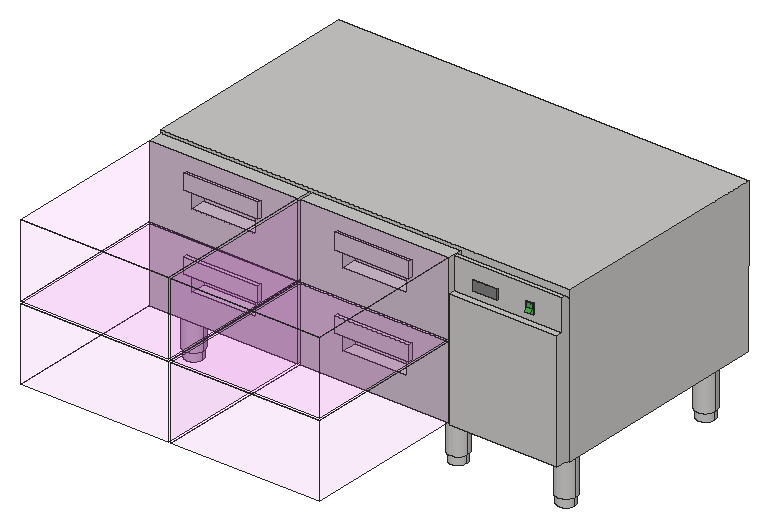
Revit family "QF_ELECTROLUXPROFESSIONAL_371295_E7TTBECOMIN", category Specialty Equipment, Revit 2023 (continued)
Automatic sketch dimensions
  Split face 135 sketch curve to Extrusion 8 = 22.519 mm
  Split face 135 sketch curve to Extrusion 8 = 68.797 mm
  Split face 135 sketch curve to Split face 135 sketch curve = 4 mm
  Split face 136 sketch curve to Extrusion 8 = 54.499 mm
  Split face 136 sketch curve to Split face 136 sketch curve = 0.02 mm  (x2)
  Split face 136 sketch curve to Extrusion 8 = 22.519 mm
  Split face 136 sketch curve to Extrusion 8 = 80.797 mm
  Split face 136 sketch curve to Split face 136 sketch curve = 4 mm
  Split face 137 sketch curve to Extrusion 8 = 54.499 mm
  Split face 137 sketch curve to Split face 137 sketch curve = 0.02 mm  (x2)
  Split face 137 sketch curve to Extrusion 8 = 22.519 mm
  Split face 137 sketch curve to Extrusion 8 = 92.797 mm
  Split face 137 sketch curve to Split face 137 sketch curve = 4 mm
  Split face 138 sketch curve to Extrusion 8 = 54.499 mm
  Split face 138 sketch curve to Split face 138 sketch curve = 0.02 mm  (x2)
  Split face 138 sketch curve to Extrusion 8 = 22.519 mm
  Split face 138 sketch curve to Extrusion 8 = 104.797 mm
  Split face 138 sketch curve to Split face 138 sketch curve = 4 mm
  Split face 139 sketch curve to Extrusion 8 = 54.499 mm
  Split face 139 sketch curve to Split face 139 sketch curve = 0.02 mm  (x2)
  Split face 139 sketch curve to Extrusion 8 = 22.519 mm
  Split face 139 sketch curve to Extrusion 8 = 116.797 mm
  Split face 139 sketch curve to Split face 139 sketch curve = 4 mm
  Split face 140 sketch curve to Extrusion 8 = 54.499 mm
  Split face 140 sketch curve to Split face 140 sketch curve = 0.02 mm  (x2)
  Split face 140 sketch curve to Extrusion 8 = 22.519 mm
  Split face 140 sketch curve to Extrusion 8 = 128.797 mm
  Split face 140 sketch curve to Split face 140 sketch curve = 4 mm
  Split face 141 sketch curve to Extrusion 8 = 54.499 mm
  Split face 141 sketch curve to Split face 141 sketch curve = 0.02 mm  (x2)
  Split face 141 sketch curve to Extrusion 8 = 22.519 mm
  Split face 141 sketch curve to Extrusion 8 = 137.003 mm
  Split face 141 sketch curve to Split face 141 sketch curve = 4 mm
  Split face 142 sketch curve to Extrusion 8 = 54.499 mm
  Split face 142 sketch curve to Split face 142 sketch curve = 0.02 mm  (x2)
  Split face 142 sketch curve to Extrusion 8 = 22.519 mm
  Split face 142 sketch curve to Extrusion 8 = 125.004 mm
  Split face 142 sketch curve to Split face 142 sketch curve = 4 mm
  Split face 143 sketch curve to Extrusion 8 = 54.499 mm
  Split face 143 sketch curve to Split face 143 sketch curve = 0.02 mm  (x2)
  Split face 143 sketch curve to Extrusion 8 = 22.519 mm
  Split face 143 sketch curve to Extrusion 8 = 113.003 mm
  Split face 143 sketch curve to Split face 143 sketch curve = 4 mm
  Split face 144 sketch curve to Extrusion 8 = 54.499 mm
  Split face 144 sketch curve to Split face 144 sketch curve = 0.02 mm  (x2)
  Split face 144 sketch curve to Extrusion 8 = 22.519 mm
  Split face 144 sketch curve to Extrusion 8 = 101.003 mm
  Split face 144 sketch curve to Split face 144 sketch curve = 4 mm
  Split face 145 sketch curve to Extrusion 8 = 54.499 mm
  Split face 145 sketch curve to Split face 145 sketch curve = 0.02 mm  (x2)
  Split face 145 sketch curve to Extrusion 8 = 22.519 mm
  Split face 145 sketch curve to Extrusion 8 = 89.003 mm
  Split face 145 sketch curve to Split face 145 sketch curve = 4 mm
  Split face 146 sketch curve to Extrusion 8 = 54.499 mm
  Split face 146 sketch curve to Split face 146 sketch curve = 0.02 mm  (x2)
  Split face 146 sketch curve to Extrusion 8 = 22.519 mm
  Split face 146 sketch curve to Extrusion 8 = 77.004 mm
  Split face 146 sketch curve to Split face 146 sketch curve = 4 mm
  Split face 147 sketch curve to Extrusion 8 = 54.499 mm
  Split face 147 sketch curve to Split face 147 sketch curve = 0.02 mm  (x2)
  Split face 147 sketch curve to Extrusion 8 = 22.519 mm
  Split face 147 sketch curve to Extrusion 8 = 65.003 mm
  Split face 147 sketch curve to Split face 147 sketch curve = 4 mm
  Split face 148 sketch curve to Extrusion 8 = 54.499 mm
  Split face 148 sketch curve to Split face 148 sketch curve = 0.02 mm  (x2)
  Split face 148 sketch curve to Extrusion 8 = 22.519 mm
  Split face 148 sketch curve to Extrusion 8 = 53.004 mm
  Split face 148 sketch curve to Split face 148 sketch curve = 4 mm
  Split face 149 sketch curve to Extrusion 8 = 54.499 mm
  Split face 149 sketch curve to Split face 149 sketch curve = 0.02 mm  (x2)
  Split face 149 sketch curve to Extrusion 8 = 22.519 mm
  Split face 149 sketch curve to Extrusion 8 = 41.004 mm
  Split face 149 sketch curve to Split face 149 sketch curve = 4 mm
  Split face 150 sketch curve to Extrusion 8 = 25.004 mm
  Split face 150 sketch curve to Extrusion 8 = 54.499 mm
  Split face 150 sketch curve to Split face 150 sketch curve = 0.02 mm  (x2)
  Split face 150 sketch curve to Extrusion 8 = 22.519 mm
  Split face 150 sketch curve to Split face 150 sketch curve = 4 mm
  Split face 151 sketch curve to Extrusion 8 = 24.901 mm
  Split face 151 sketch curve to Extrusion 8 = 54.499 mm
  Split face 151 sketch curve to Split face 151 sketch curve = 0.02 mm  (x2)
  Split face 151 sketch curve to Extrusion 8 = 22.519 mm
  Split face 151 sketch curve to Split face 151 sketch curve = 4 mm
  Split face 152 sketch curve to Extrusion 8 = 20.5 mm
  Split face 152 sketch curve to Split face 152 sketch curve = 0.02 mm  (x2)
  Split face 152 sketch curve to Split face 152 sketch curve = 31.959 mm
  Split face 152 sketch curve to Extrusion 8 = 140.797 mm
  Split face 152 sketch curve to Split face 152 sketch curve = 4 mm
  Split face 153 sketch curve to Extrusion 8 = 20.5 mm
  Split face 153 sketch curve to Split face 153 sketch curve = 0.02 mm  (x2)
  Split face 153 sketch curve to Split face 153 sketch curve = 31.959 mm
  Split face 153 sketch curve to Extrusion 8 = 152.797 mm
  Split face 153 sketch curve to Split face 153 sketch curve = 4 mm
  Split face 154 sketch curve to Extrusion 8 = 20.5 mm
  Split face 154 sketch curve to Split face 154 sketch curve = 0.02 mm  (x2)
  Split face 154 sketch curve to Split face 154 sketch curve = 31.959 mm
  Split face 154 sketch curve to Extrusion 8 = 148.203 mm
  Split face 154 sketch curve to Split face 154 sketch curve = 4 mm
  Split face 155 sketch curve to Extrusion 8 = 65.502 mm
  Split face 155 sketch curve to Split face 155 sketch curve = 0.02 mm  (x2)
  Split face 155 sketch curve to Split face 155 sketch curve = 31.959 mm
  Split face 155 sketch curve to Extrusion 8 = 140.797 mm
  Split face 155 sketch curve to Split face 155 sketch curve = 4 mm
  Split face 156 sketch curve to Extrusion 8 = 65.502 mm
  Split face 156 sketch curve to Split face 156 sketch curve = 0.02 mm  (x2)
  Split face 156 sketch curve to Split face 156 sketch curve = 31.959 mm
  Split face 156 sketch curve to Extrusion 8 = 152.797 mm
  Split face 156 sketch curve to Split face 156 sketch curve = 4 mm
  Split face 157 sketch curve to Extrusion 8 = 65.502 mm
  Split face 157 sketch curve to Split face 157 sketch curve = 0.02 mm  (x2)
  Split face 157 sketch curve to Split face 157 sketch curve = 31.959 mm
  Split face 157 sketch curve to Extrusion 8 = 148.203 mm
  Split face 157 sketch curve to Split face 157 sketch curve = 4 mm
  Split face 158 sketch curve to Extrusion 8 = 110.502 mm
  Split face 158 sketch curve to Split face 158 sketch curve = 0.02 mm  (x2)
  Split face 158 sketch curve to Split face 158 sketch curve = 31.959 mm
  Split face 158 sketch curve to Extrusion 8 = 140.797 mm
  Split face 158 sketch curve to Split face 158 sketch curve = 4 mm
  Split face 159 sketch curve to Extrusion 8 = 110.502 mm
  Split face 159 sketch curve to Split face 159 sketch curve = 0.02 mm  (x2)
  Split face 159 sketch curve to Split face 159 sketch curve = 31.959 mm
  Split face 159 sketch curve to Extrusion 8 = 152.797 mm
  Split face 159 sketch curve to Split face 159 sketch curve = 4 mm
  Split face 160 sketch curve to Extrusion 8 = 110.502 mm
  Split face 160 sketch curve to Split face 160 sketch curve = 0.02 mm  (x2)
  Split face 160 sketch curve to Split face 160 sketch curve = 31.959 mm
  Split face 160 sketch curve to Extrusion 8 = 148.203 mm
  Split face 160 sketch curve to Split face 160 sketch curve = 4 mm
  Split face 161 sketch curve to Extrusion 8 = 155.502 mm
  Split face 161 sketch curve to Split face 161 sketch curve = 0.02 mm  (x2)
  Split face 161 sketch curve to Split face 161 sketch curve = 31.959 mm
  Split face 161 sketch curve to Extrusion 8 = 140.797 mm
  Split face 161 sketch curve to Split face 161 sketch curve = 4 mm
  Split face 162 sketch curve to Extrusion 8 = 155.502 mm
  Split face 162 sketch curve to Split face 162 sketch curve = 0.02 mm  (x2)
  Split face 162 sketch curve to Split face 162 sketch curve = 31.959 mm
  Split face 162 sketch curve to Extrusion 8 = 152.797 mm
  Split face 162 sketch curve to Split face 162 sketch curve = 4 mm
  Split face 163 sketch curve to Extrusion 8 = 155.502 mm
  Split face 163 sketch curve to Split face 163 sketch curve = 0.02 mm  (x2)
  Split face 163 sketch curve to Split face 163 sketch curve = 31.959 mm
  Split face 163 sketch curve to Extrusion 8 = 148.203 mm
  Split face 163 sketch curve to Split face 163 sketch curve = 4 mm
  Split face 164 sketch curve to Extrusion 8 = 144.498 mm
  Split face 164 sketch curve to Split face 164 sketch curve = 0.02 mm  (x2)
  Split face 164 sketch curve to Split face 164 sketch curve = 31.959 mm
  Split face 164 sketch curve to Extrusion 8 = 140.797 mm
  Split face 164 sketch curve to Split face 164 sketch curve = 4 mm
  Split face 165 sketch curve to Extrusion 8 = 144.498 mm
  Split face 165 sketch curve to Split face 165 sketch curve = 0.02 mm  (x2)
  Split face 165 sketch curve to Split face 165 sketch curve = 31.959 mm
  Split face 165 sketch curve to Extrusion 8 = 152.797 mm
  Split face 165 sketch curve to Split face 165 sketch curve = 4 mm
  Split face 166 sketch curve to Extrusion 8 = 144.498 mm
  Split face 166 sketch curve to Split face 166 sketch curve = 0.02 mm  (x2)
  Split face 166 sketch curve to Split face 166 sketch curve = 31.959 mm
  Split face 166 sketch curve to Extrusion 8 = 148.203 mm
  Split face 166 sketch curve to Split face 166 sketch curve = 4 mm
  Split face 167 sketch curve to Extrusion 8 = 99.499 mm
  Split face 167 sketch curve to Split face 167 sketch curve = 0.02 mm  (x2)
  Split face 167 sketch curve to Split face 167 sketch curve = 31.959 mm
  Split face 167 sketch curve to Extrusion 8 = 140.797 mm
  Split face 167 sketch curve to Split face 167 sketch curve = 4 mm
  Split face 168 sketch curve to Extrusion 8 = 99.499 mm
  Split face 168 sketch curve to Split face 168 sketch curve = 0.02 mm  (x2)
  Split face 168 sketch curve to Split face 168 sketch curve = 31.959 mm
  Split face 168 sketch curve to Extrusion 8 = 152.797 mm
  Split face 168 sketch curve to Split face 168 sketch curve = 4 mm
  Split face 169 sketch curve to Extrusion 8 = 99.499 mm
  Split face 169 sketch curve to Split face 169 sketch curve = 0.02 mm  (x2)
  Split face 169 sketch curve to Split face 169 sketch curve = 31.959 mm
  Split face 169 sketch curve to Extrusion 8 = 148.203 mm
  Split face 169 sketch curve to Split face 169 sketch curve = 4 mm
  Split face 170 sketch curve to Extrusion 8 = 54.499 mm
  Split face 170 sketch curve to Split face 170 sketch curve = 0.02 mm  (x2)
  Split face 170 sketch curve to Extrusion 8 = 22.519 mm
  Split face 170 sketch curve to Extrusion 8 = 140.797 mm
  Split face 170 sketch curve to Split face 170 sketch curve = 4 mm
  Split face 171 sketch curve to Extrusion 8 = 54.499 mm
  Split face 171 sketch curve to Split face 171 sketch curve = 0.02 mm  (x2)
  Split face 171 sketch curve to Extrusion 8 = 22.519 mm
  Split face 171 sketch curve to Extrusion 8 = 152.797 mm
  Split face 171 sketch curve to Split face 171 sketch curve = 4 mm
  Split face 172 sketch curve to Extrusion 8 = 54.499 mm
  Split face 172 sketch curve to Split face 172 sketch curve = 0.02 mm  (x2)
  Split face 172 sketch curve to Extrusion 8 = 22.519 mm
  Split face 172 sketch curve to Extrusion 8 = 148.203 mm
  Split face 172 sketch curve to Split face 172 sketch curve = 4 mm
  Extrusion 12 sketch curve to Extrusion 7 = 15 mm  (x2)
  Extrusion 7 to Extrusion 12 sketch curve = 31.031 mm
  Extrusion 12 sketch curve to Extrusion 7 = 13.969 mm
  Extrusion 13 sketch curve to plane 15 = 4.998 mm
  plane 22 to Extrusion 13 sketch curve = 29.206 mm
  Extrusion 13 sketch curve to plane 12 = 71.698 mm
  Extrusion 13 sketch curve to plane 3 "Centro (Sinistra/Destra)" = 29.299 mm
  Extrusion 13 sketch curve to plane 21 = 45 mm
  Extrusion 13 sketch curve to Extrusion 13 sketch curve = 123.7 mm
  Extrusion 13 sketch curve to Extrusion 13 sketch curve = 78.294 mm
  Extrusion 14 sketch curve to Extrusion 13 = 15 mm  (x2)
  Extrusion 13 to Extrusion 14 sketch curve = 31.031 mm
  Extrusion 14 sketch curve to Extrusion 13 = 13.969 mm
  Extrusion 15 sketch curve to plane 3 "Centro (Sinistra/Destra)" = 160.999 mm
  Extrusion 15 sketch curve to Extrusion 15 sketch curve = 123.7 mm
  plane 10 to Extrusion 15 sketch curve = 73.7 mm
  plane 16 to Extrusion 15 sketch curve = 4 mm
  Extrusion 15 sketch curve to Extrusion 15 sketch curve = 78.294 mm
  Extrusion 15 sketch curve to plane 21 = 50 mm
  Extrusion 16 sketch curve to Extrusion 15 = 15 mm  (x2)
  Extrusion 15 to Extrusion 16 sketch curve = 31.031 mm
  Extrusion 16 sketch curve to Extrusion 15 = 13.969 mm
  Extrusion 17 sketch curve to plane 15 = 4.998 mm
  Extrusion 17 sketch curve to plane 12 = 71.698 mm
  Extrusion 17 sketch curve to plane 3 "Centro (Sinistra/Destra)" = 29.299 mm
  Extrusion 17 sketch curve to Extrusion 17 sketch curve = 123.7 mm
  Extrusion 17 sketch curve to Extrusion 17 sketch curve = 78.294 mm
  Extrusion 17 sketch curve to plane 21 = 50 mm
  Extrusion 18 sketch curve to Extrusion 17 = 15 mm  (x2)
  Extrusion 17 to Extrusion 18 sketch curve = 31.031 mm
  Extrusion 18 sketch curve to Extrusion 17 = 13.969 mm
  plane 23 to Extrusion 5 sketch curve = 9.006 mm
  plane 23 to Extrusion 6 sketch curve = 9.006 mm
  Extrusion 8 sketch curve to plane 23 = 0 mm
  Extrusion 15 sketch curve to plane 21 = 105.994 mm
  plane 23 to Extrusion 15 sketch curve = 9.006 mm
  Extrusion 17 sketch curve to plane 21 = 105.994 mm
  plane 23 to Extrusion 17 sketch curve = 9.006 mm
  Extrusion 3 sketch curve to plane 24 "TOP" = 9.006 mm
  Extrusion 4 sketch curve to plane 24 "TOP" = 9.006 mm
  Extrusion 7 sketch curve to plane 24 "TOP" = 9.006 mm
  Extrusion 8 sketch curve to plane 24 "TOP" = 20.473 mm
  Extrusion 13 sketch curve to plane 24 "TOP" = 9.006 mm
  radius of Extrusion 2 sketch curve = 6 mm
  radius of Split face 2 sketch curve = 1.2 mm
  radius of Split face 3 sketch curve = 1.2 mm
  radius of Split face 4 sketch curve = 1.2 mm
  radius of Split face 5 sketch curve = 1.2 mm
  radius of Split face 6 sketch curve = 1.2 mm
  radius of Split face 7 sketch curve = 1.2 mm
Nested families
  nested 1: "Foot H200" at (-545, -249, 0), type "Foot H200"
  nested 2: "Foot H200" at (-545, 262, 0), type "Foot H200"
  nested 3: "Foot H200" at (229, -249, 0) x (-1, 0, 0) z (0, 0, 1), type "Foot H200"
  nested 4: "Foot H200" at (229, 262, 0) x (-1, 0, 0) z (0, 0, 1), type "Foot H200"
  nested 5: "Foot H200" at (545, -249, 0) x (-1, 0, 0) z (0, 0, 1), type "Foot H200"
  nested 6: "Foot H200" at (545, 262, 0) x (-1, 0, 0) z (0, 0, 1), type "Foot H200"
  nested 7: "01_Refrigerator" at (350, -150, 0), type "01_Refrigerator"
Connectors
  electrical at (558, 190, 189.987)
    settings: on Extrusion 2, index 1, voltage 0 V, apparent load 0 VA, apparent load phase1 0 VA, apparent load phase2 0 VA, apparent load phase3 0 VA, power factor 1, load classification "Altro", number of poles 1, system type 30, power factor state 1, is connector primary yes, connector utility no, sub classification motor no, connector description "Electrical"
Definition of nested family "Foot H200"
  Parameters (values of type "Foot H200")
    H feet [instance] = 150 mm
    Default Elevation = 0 mm
  Reference planes
    plane 1 "Centro (Fronte/Retro)": y = 0
    plane 2: z = 0
    plane 3 "Centro (Sinistra/Destra)": x = 0
    plane 4: z = 150
  Forms (mm)
    Revolve 1, solid
      sketch origin (255.05, 0, 608.09) x (0, 0, 1) y (-1, 0, 0)
        loop
          line (-608.09, 255.05) -> (-608.09, 230.05) -> (-583.09, 230.05) -> (-583.09, 226.05) -> (-458.09, 226.05) -> (-458.09, 255.05) -> (-608.09, 255.05)
        axis (-608.09, 255.05) -> (-458.09, 255.05)
      angle from 0 to 360
  Dimensions and locks
    Revolve 1 sketch curve to Revolve 1 sketch curve = 125 mm
    plane 4 to level = 150 mm
    "H feet": plane 4 to level
    aligned and locked: level to plane 2
    aligned and locked: plane 4 to Revolve 1 sketch curve
    aligned and locked: Revolve 1 sketch curve to level
    aligned and locked: plane 3 "Centro (Sinistra/Destra)" to Revolve 1 sketch curve
  Automatic sketch dimensions
    Revolve 1 sketch curve to plane 3 "Centro (Sinistra/Destra)" = 0 mm
    Revolve 1 sketch curve to Revolve 1 sketch curve = 25 mm
    Revolve 1 sketch curve to Revolve 1 sketch curve = 29 mm
    plane 4 to Revolve 1 sketch curve = 50 mm
    Revolve 1 sketch curve to Revolve 1 sketch curve = 20 mm
Definition of nested family "01_Refrigerator"
  Reference planes
    plane 1 "Center (Front/Back)": y = 0
    plane 2: z = 0
    plane 3 "Center (Left/Right)": x = 0
  Lines and regions (mm)
    detail lines, in view "Ref. Level"
      curve 1: line (0, -60, 0) -> (0, 60, 0)
      curve 2: line (-51.962, 30, 0) -> (51.962, -30, 0)
      curve 3: line (-51.962, -30, 0) -> (51.962, 30, 0)
      curve 4: line (19.116, 56.873, 0) -> (0, 35, 0)
      curve 5: line (0, 35, 0) -> (-19.116, 56.873, 0)
      curve 6: line (-30.311, 17.5, 0) -> (-40, 45.883, 0)
      curve 7: line (-59.736, 11.7, 0) -> (-30.311, 17.5, 0)
      curve 8: line (-30.311, -17.5, 0) -> (-59.736, -11.7, 0)
      curve 9: line (-40, -45.883, 0) -> (-30.311, -17.5, 0)
      curve 10: line (0, -35, 0) -> (-19.116, -56.873, 0)
      curve 11: line (19.116, -56.873, 0) -> (0, -35, 0)
      curve 12: line (30.311, -17.5, 0) -> (39.696, -44.992, 0)
      curve 13: line (58.812, -11.882, 0) -> (30.311, -17.5, 0)
      curve 14: line (30.311, 17.5, 0) -> (58.812, 11.882, 0)
      curve 15: line (39.696, 44.992, 0) -> (30.311, 17.5, 0)
      curve 16: spline (-200, 0, 0) -> (-193.185, -23.294, 0) -> (-173.205, -45, 0) -> (-141.421, -63.64, 0) -> (-100, -77.942, 0) -> (-51.764, -86.933, 0) -> (0, -90, 0) -> (51.764, -86.933, 0) -> (100, -77.942, 0) -> (141.421, -63.64, 0) -> (173.205, -45, 0) -> (193.185, -23.294, 0) -> (200, 0, 0) -> (193.185, 23.294, 0) -> (173.205, 45, 0) -> (141.421, 63.64, 0) -> (100, 77.942, 0) -> (51.764, 86.933, 0) -> (0, 90, 0) -> (-51.764, 86.933, 0) -> (-100, 77.942, 0) -> (-141.421, 63.64, 0) -> (-173.205, 45, 0) -> (-193.185, 23.294, 0) -> (-200, 0, 0)
Types (2, lengths in mm): name | Volts | URL Manufacturer | URL | Manufacturer | Phase | Model | Item Number | Description | Cycle
  (no name) | 0 V | "" | "" | "" | 0 | "" | "" | "" | 0 Hz
  Standard | 230 V | "http://professional.electrolux.com" | "http://professional.electrolux.com" | "Electrolux Professional" | 1 | "E7TTBECOMIN" | "371295" | "REFRIGERATED BASE WITH 4 DRAWERS 1200MM - R290" | 50 Hz
